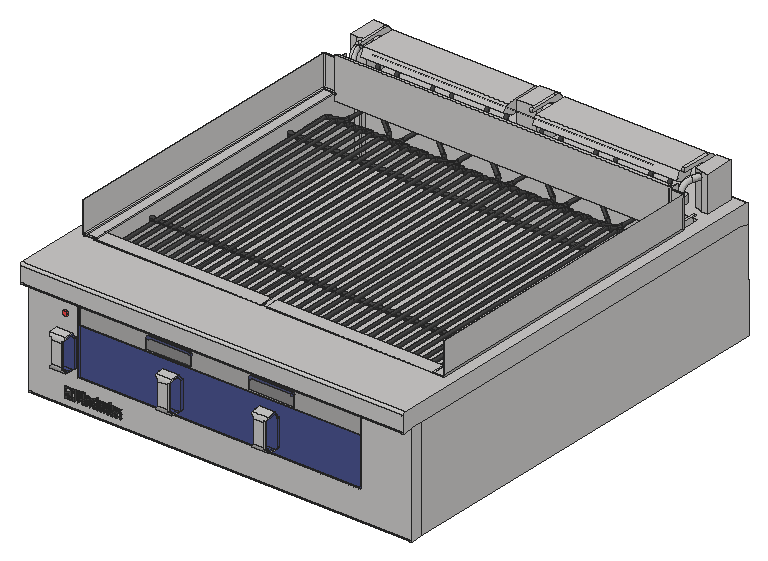
Revit family "QF_ELECTROLUXPROFESSIONAL_589286_MCDEAAHOIO", category Specialty Equipment, Revit 2018
Family settings
  Round Connector Dimension = Use Diameter
  Part Type = Normal
  Work Plane-Based = No
  Always vertical = Yes
  Cut with Voids When Loaded = No
  Shared = No
  Room Calculation Point = No
Parameters (values of type "Standard")
  Weight = 40.8233 kg
  Watts = 0 W
  Volts = 400 V
  URL Manufacturer = "http://professional.electrolux.com"
  URL = "http://professional.electrolux.com"
  Steam Supply Size = 0"
  Steam Supply Minimum Pressure = 0.00 psi
  Steam Supply Maximum Pressure = 0.00 psi
  Steam Pounds per Hour = 0
  Refrigeration Suction Line Size = 0"
  Refrigeration Liquid Line Size = 0"
  Refrigerant Compressor Remote = yes
  Phase = 3
  Model = "MCDEAAHOIO"
  Manufacturer = "Electrolux Professional"
  Length Actual = 800 mm  # constant formula
  Item Number = "589286"
  Hot Water Size = 0"
  Height Actual = 250 mm  # constant formula
  HP = "14.5 HP"
  Gas Size = 0"
  Gas KW = 0
  Gas Input Pressure = 0.0 Btu/h
  Direct Waste Size = 1/2"
  Description = "ELECTRIC CHARGRILL, 1 SIDE, 800X900X250H"
  Depth Actual = 900 mm  # constant formula
  Cycle = 60 Hz
  Condensate Return Size = 0"
  Compressed Air Volume = 0 GPM
  Compressed Air Size = 0"
  Compressed Air Pressure = 0.00 psi
  Cold Water Size = 1/2"
  Accessory = yes
Values of the unnamed type that differ from the named types
  Volts = 0 V
  URL Manufacturer = ""
  Item Number = ""
  Cycle = 0 Hz
Reference planes
  plane 1 "BACK": y = 0
  plane 2: z = 0
  plane 3 "LEFT": x = 0
  plane 4 "RIGHT": x = 800
  plane 5 "FRONT": y = -900
  plane 6 "PLAIN": z = 900
  plane 7 "Center (Left/Right)": x = 400
  plane 8 "Center (Front/Back)": y = -450
  plane 9 "Grill": z = 888
  plane 10 "MontanteBack": y = -70
  plane 11 "SCARICO": through (46.603, -71.263, 1219.2) normal (0.9563, 0.2923, 0)
  plane 12 "BASE": z = 650
  plane 13 "TOP": z = 974
  plane 14 "EI_x": y = -685
  plane 15 "EI_y": x = 756
  plane 16: z = 1624
  plane 17 "Scarico2": through (753.397, -71.263, 1219.2) normal (0.9563, -0.2923, 0)
Forms (mm)
  Sweep 1, solid, material "QF_Finishes_Stainless Steel"
    path origin (330, -5, 0) x (1, 0, 0) y (0, 1, 0)
      loop
        line (446.548, -759) -> (446.548, -136.621)
        arc (446.548, -136.621) -> (445.376, -133.793) -> (442.548, -132.621) r 4
        line (442.548, -132.621) -> (420.548, -132.621)
        arc (420.548, -132.621) -> (417.72, -131.449) -> (416.548, -128.621) r 4
        line (416.548, -128.621) -> (416.548, -114.621)
    profile origin (776.548, -452.81, 0) x (-1, 0, 0) y (0, 0, 1)
      loop
        line (1.048, 904) -> (1.048, 967.5) -> (-0.952, 967.5) -> (-0.952, 904)
        arc (-0.952, 904) -> (0.193, 900.815) -> (3.105, 899.09) r 5
        line (3.105, 899.09) -> (3.105, 901.152)
        arc (3.105, 901.152) -> (1.616, 902.244) -> (1.048, 904) r 3
  Sweep 2, solid, material "QF_Finishes_Stainless Steel"
    path origin (470, -5, 0) x (-1, 0, 0) y (0, 1, 0)
      loop
        line (446.548, -759) -> (446.548, -136.621)
        arc (446.548, -136.621) -> (445.376, -133.793) -> (442.548, -132.621) r 4
        line (442.548, -132.621) -> (420.548, -132.621)
        arc (420.548, -132.621) -> (417.72, -131.449) -> (416.548, -128.621) r 4
        line (416.548, -128.621) -> (416.548, -114.621)
    profile origin (23.452, -452.81, 0) x (-1, 0, 0) y (0, 0, 1)
      loop
        arc (-1.048, 904.91) -> (-1.616, 903.154) -> (-3.105, 902.062) r 3
        line (-3.105, 902.062) -> (-3.105, 900)
        arc (-3.105, 900) -> (-0.193, 901.725) -> (0.952, 904.91) r 5
        line (0.952, 904.91) -> (0.952, 967.5) -> (-1.048, 967.5) -> (-1.048, 904.91)
  Extrusion 3, solid, material "QF_Finishes_Stainless Steel"
    sketch origin (-150, 0, 650) x (1, 0, 0) y (0, 0, 1)
      loop
        line (190, 105) -> (910, 105) -> (910, 250) -> (905, 250) -> (905, 110) -> (195, 110) -> (195, 250) -> (190, 250) -> (190, 105)
    from 87 to 747
  Extrusion 4, solid, material "QF_Finishes_Stainless Steel"
    sketch origin (0, 0, 650) x (0, 1, 0) y (0, 0, 1)
      loop
        arc (-4.695, 210.061) -> (-1.429, 210.936) -> (0, 214) r 4
        line (0, 214) -> (0, 246)
        arc (0, 246) -> (-1.172, 248.828) -> (-4, 250) r 4
        line (-4, 250) -> (-895, 250)
        arc (-895, 250) -> (-898.536, 248.536) -> (-900, 245) r 5
        line (-900, 245) -> (-900, 214)
        arc (-900, 214) -> (-898.571, 210.936) -> (-895.305, 210.061) r 4
        line (-895.305, 210.061) -> (-878.81, 212.969) -> (-21.19, 212.969) -> (-4.695, 210.061)
    from 0 to 800
  Extrusion 5, void
    sketch origin (0, 0, 650) x (1, 0, 0) y (0, 0, 1)
      loop
        line (26.557, 255) -> (26.557, 206.834) -> (773.443, 206.834) -> (773.443, 255) -> (26.557, 255)
    from 95 to 764
  Extrusion 6, solid, material "QF_Finishes_Stainless Steel"
    sketch origin (400, 303.899, 1047.01) x (0, 1, 0) y (0, 0, 1)
      loop
        circle (-352.832, -92.011) r 16
    from -338.334 to 343.443
  Sweep 7, solid, material "QF_Finishes_Stainless Steel"
    path origin (0, -70, -250) x (0, 0, 1) y (-1, 0, 0)
      loop
        line (1112.969, -2) -> (900, -2) -> (900, -798) -> (1113, -798)
    profile origin (2, -70, 756.485) x (0, -1, 0) y (1, 0, 0)
      loop
        line (25.019, 0) -> (25.019, 25) -> (22, 25) -> (22, 3) -> (-22, 3) -> (-22, 25) -> (-24.981, 25) -> (-24.981, 0) -> (25.019, 0)
  Extrusion 8, solid, material "QF_Finishes_Stainless Steel"
    sketch origin (0, 0, 888) x (0, 1, 0) y (-1, 0, 0)
      loop
        line (-759.991, -26.557) -> (-759.991, -47.348) -> (-140.726, -47.348) -> (-140.726, -27.452)
        arc (-140.726, -27.452) -> (-140.988, -26.819) -> (-141.621, -26.557) r 0.895
        line (-141.621, -26.557) -> (-759.991, -26.557)
      loop
        line (-764, -773.443) -> (-141.621, -773.443)
        arc (-141.621, -773.443) -> (-140.988, -773.181) -> (-140.726, -772.548) r 0.895
        line (-140.726, -772.548) -> (-140.726, -752.652) -> (-764, -752.652) -> (-764, -773.443)
    from 12 to 14.062
  Extrusion 9, solid, material "QF_Finishes_Black"
    sketch origin (400, 296.4, 1869.2) x (0, 1, 0) y (0, 0, 1)
      loop
        circle (-553.985, -991.468) r 4.002
      loop
        circle (-913.985, -991.468) r 4.002
    from -352.652 to 352.652
  Extrusion 10, solid, material "QF_Finishes_Stainless Steel"
    sketch origin (800, 0, 650) x (0, -1, 0) y (0, 0, 1)
      loop
        line (0, 214) -> (0, 0) -> (854, 0) -> (854, 212.969) -> (21.19, 212.969) -> (4.695, 210.061)
        arc (4.695, 210.061) -> (1.429, 210.936) -> (0, 214) r 4
    from 0 to 2
  Extrusion 11, solid, material "QF_Finishes_Stainless Steel"
    sketch origin (400, 296.4, 1869.2) x (0, 1, 0) y (0, 0, 1)
      loop
        arc (-296.4, -1005.2) -> (-296.936, -1007.2) -> (-298.4, -1008.664) r 4
        line (-298.4, -1008.664) -> (-298.4, -1219.2) -> (-296.4, -1219.2) -> (-296.4, -1005.2)
    from -398 to 398
  Extrusion 12, solid, material "QF_Finishes_Stainless Steel"
    sketch origin (0, 0, 650) x (0, 1, 0) y (0, 0, 1)
      loop
        arc (0, 214) -> (-1.429, 210.936) -> (-4.695, 210.061) r 4
        line (-4.695, 210.061) -> (-21.19, 212.969) -> (-854, 212.969) -> (-854, 0) -> (0, 0) -> (0, 214)
    from 0 to 2
  Extrusion 13, solid, material "QF_Finishes_Stainless Steel"
    sketch origin (-20, 5, 888) x (0, 1, 0) y (-1, 0, 0)
      loop
        line (-16.433, -76.495) -> (-16.433, -46.495) -> (-76.433, -46.495) -> (-76.433, -60.491) -> (-71.54, -76.495) -> (-16.433, -76.495)
    from 12 to 86
  Extrusion 14, solid, material "QF_Finishes_Stainless Steel"
    sketch origin (400, 296.4, 1043.2) x (0, 1, 0) y (0, 0, 1)
      loop
        line (-312.832, -69.2) -> (-387.871, -69.2) -> (-396.4, -83.974) -> (-375.871, -95.826) -> (-329.794, -95.826) -> (-312.832, -86.033) -> (-312.832, -69.2)
    from -330 to -30
  Extrusion 15, solid, material "QF_Finishes_Black"
    sketch origin (0, -900, 650) x (1, 0, 0) y (0, 0, 1)
      loop
        spline (109.591, 27.285) -> (109.385, 27.294) -> (109.166, 27.322) -> (108.939, 27.374) -> (108.71, 27.451) -> (108.486, 27.559) -> (108.272, 27.7) -> (108.075, 27.878) -> (107.9, 28.096) -> (107.753, 28.358) -> (107.641, 28.667) -> (107.569, 29.026) -> (107.544, 29.44)
        line (107.544, 29.44) -> (107.544, 31.273) -> (113.596, 31.273) -> (113.596, 33.611) -> (107.543, 33.611) -> (107.543, 37.014) -> (113.982, 37.014) -> (113.982, 39.345) -> (105.065, 39.345) -> (105.065, 29.546)
        spline (105.065, 29.546) -> (105.088, 28.943) -> (105.155, 28.375) -> (105.269, 27.843) -> (105.431, 27.35) -> (105.642, 26.898) -> (105.903, 26.487) -> (106.215, 26.121) -> (106.581, 25.802) -> (107.001, 25.531) -> (107.476, 25.309) -> (108.008, 25.141) -> (108.597, 25.026)
        line (108.597, 25.026) -> (109.57, 24.956) -> (114.154, 24.956) -> (114.154, 27.285) -> (109.591, 27.285)
      loop
        line (115.915, 32.546) -> (115.915, 24.953) -> (118.393, 24.953) -> (118.393, 39.349) -> (115.915, 39.349) -> (115.915, 32.546)
      loop
        spline (130.665, 30.422) -> (130.623, 31.14) -> (130.499, 31.828) -> (130.296, 32.48) -> (130.018, 33.089) -> (129.668, 33.649) -> (129.249, 34.154) -> (128.766, 34.599) -> (128.222, 34.976) -> (127.62, 35.28) -> (126.963, 35.505) -> (126.255, 35.644) -> (125.499, 35.692)
        spline (125.499, 35.692) -> (124.728, 35.647) -> (123.994, 35.515) -> (123.305, 35.299) -> (122.666, 35.003) -> (122.081, 34.629) -> (121.556, 34.182) -> (121.097, 33.663) -> (120.71, 33.078) -> (120.399, 32.429) -> (120.17, 31.719) -> (120.029, 30.952) -> (119.98, 30.131)
        spline (119.98, 30.131) -> (120.027, 29.33) -> (120.164, 28.582) -> (120.388, 27.889) -> (120.693, 27.254) -> (121.076, 26.682) -> (121.533, 26.175) -> (122.057, 25.737) -> (122.647, 25.371) -> (123.296, 25.081) -> (124.002, 24.869) -> (124.758, 24.74) -> (125.562, 24.696)
        spline (125.562, 24.696) -> (125.954, 24.705) -> (126.341, 24.735) -> (126.725, 24.786) -> (127.103, 24.862) -> (127.477, 24.963) -> (127.846, 25.093) -> (128.211, 25.252) -> (128.571, 25.443) -> (128.926, 25.668) -> (129.275, 25.928) -> (129.62, 26.226) -> (129.96, 26.563)
        line (129.96, 26.563) -> (128.466, 28.016)
        spline (128.466, 28.016) -> (128.269, 27.826) -> (128.072, 27.653) -> (127.871, 27.495) -> (127.666, 27.353) -> (127.454, 27.228) -> (127.235, 27.118) -> (127.005, 27.025) -> (126.764, 26.949) -> (126.509, 26.889) -> (126.238, 26.847) -> (125.951, 26.821) -> (125.645, 26.812)
        spline (125.645, 26.812) -> (125.196, 26.834) -> (124.776, 26.9) -> (124.385, 27.007) -> (124.025, 27.153) -> (123.698, 27.338) -> (123.407, 27.559) -> (123.152, 27.815) -> (122.935, 28.103) -> (122.759, 28.423) -> (122.625, 28.772) -> (122.535, 29.148) -> (122.491, 29.551)
        line (122.491, 29.551) -> (130.624, 29.551) -> (130.665, 30.422)
      loop
        spline (128.134, 31.294) -> (128.11, 31.6) -> (128.04, 31.895) -> (127.927, 32.175) -> (127.774, 32.439) -> (127.584, 32.682) -> (127.362, 32.902) -> (127.108, 33.096) -> (126.828, 33.261) -> (126.524, 33.394) -> (126.199, 33.493) -> (125.856, 33.555) -> (125.499, 33.576)
        spline (125.499, 33.576) -> (125.117, 33.555) -> (124.748, 33.495) -> (124.397, 33.397) -> (124.067, 33.265) -> (123.761, 33.102) -> (123.482, 32.909) -> (123.233, 32.69) -> (123.018, 32.448) -> (122.839, 32.184) -> (122.7, 31.902) -> (122.604, 31.604) -> (122.554, 31.294)
        line (122.554, 31.294) -> (128.134, 31.294)
      loop
        spline (134.414, 30.194) -> (134.442, 30.655) -> (134.525, 31.092) -> (134.66, 31.503) -> (134.842, 31.883) -> (135.069, 32.23) -> (135.337, 32.541) -> (135.644, 32.813) -> (135.985, 33.042) -> (136.357, 33.225) -> (136.758, 33.36) -> (137.183, 33.444) -> (137.63, 33.472)
        spline (137.63, 33.472) -> (137.904, 33.463) -> (138.167, 33.438) -> (138.418, 33.396) -> (138.659, 33.338) -> (138.891, 33.263) -> (139.113, 33.174) -> (139.327, 33.069) -> (139.532, 32.95) -> (139.73, 32.816) -> (139.922, 32.668) -> (140.106, 32.506) -> (140.285, 32.331)
        line (140.285, 32.331) -> (141.821, 33.929)
        spline (141.821, 33.929) -> (141.515, 34.234) -> (141.201, 34.509) -> (140.877, 34.753) -> (140.545, 34.968) -> (140.205, 35.155) -> (139.858, 35.313) -> (139.503, 35.445) -> (139.141, 35.552) -> (138.772, 35.632) -> (138.397, 35.689) -> (138.016, 35.723) -> (137.63, 35.734)
        spline (137.63, 35.734) -> (136.855, 35.686) -> (136.114, 35.545) -> (135.411, 35.317) -> (134.754, 35.007) -> (134.15, 34.621) -> (133.605, 34.162) -> (133.125, 33.637) -> (132.718, 33.05) -> (132.39, 32.408) -> (132.147, 31.714) -> (131.997, 30.974) -> (131.945, 30.194)
        spline (131.945, 30.194) -> (131.997, 29.414) -> (132.147, 28.674) -> (132.39, 27.981) -> (132.718, 27.338) -> (133.125, 26.751) -> (133.605, 26.226) -> (134.15, 25.767) -> (134.754, 25.381) -> (135.411, 25.071) -> (136.114, 24.843) -> (136.855, 24.702) -> (137.63, 24.654)
        spline (137.63, 24.654) -> (138.016, 24.665) -> (138.397, 24.699) -> (138.772, 24.756) -> (139.141, 24.837) -> (139.503, 24.943) -> (139.858, 25.075) -> (140.205, 25.233) -> (140.545, 25.42) -> (140.877, 25.635) -> (141.201, 25.879) -> (141.515, 26.154) -> (141.821, 26.46)
        line (141.821, 26.46) -> (140.285, 28.057)
        spline (140.285, 28.057) -> (140.106, 27.882) -> (139.922, 27.72) -> (139.73, 27.573) -> (139.532, 27.439) -> (139.327, 27.319) -> (139.113, 27.214) -> (138.891, 27.125) -> (138.659, 27.05) -> (138.418, 26.992) -> (138.167, 26.95) -> (137.904, 26.925) -> (137.63, 26.916)
        spline (137.63, 26.916) -> (137.183, 26.944) -> (136.758, 27.028) -> (136.357, 27.163) -> (135.985, 27.346) -> (135.644, 27.575) -> (135.337, 27.847) -> (135.069, 28.158) -> (134.842, 28.505) -> (134.66, 28.885) -> (134.525, 29.296) -> (134.442, 29.733) -> (134.414, 30.194)
      loop
        spline (148.14, 27.282) -> (147.921, 27.278) -> (147.687, 27.295) -> (147.443, 27.335) -> (147.196, 27.404) -> (146.952, 27.504) -> (146.717, 27.641) -> (146.497, 27.817) -> (146.298, 28.038) -> (146.127, 28.306) -> (145.989, 28.626) -> (145.891, 29.003) -> (145.839, 29.439)
        line (145.839, 29.439) -> (145.839, 33.112) -> (148.093, 33.112) -> (148.093, 35.363) -> (145.842, 35.363) -> (145.842, 39.349) -> (143.364, 39.349) -> (143.364, 29.299)
        spline (143.364, 29.299) -> (143.417, 28.715) -> (143.513, 28.167) -> (143.653, 27.655) -> (143.838, 27.182) -> (144.07, 26.749) -> (144.349, 26.358) -> (144.676, 26.011) -> (145.054, 25.709) -> (145.482, 25.456) -> (145.963, 25.252) -> (146.496, 25.099) -> (147.084, 25)
        line (147.084, 25) -> (148.131, 24.953) -> (148.14, 27.282)
      loop
        spline (156.479, 35.508) -> (156.05, 35.534) -> (155.637, 35.526) -> (155.241, 35.486) -> (154.864, 35.413) -> (154.506, 35.31) -> (154.168, 35.177) -> (153.853, 35.015) -> (153.559, 34.826) -> (153.29, 34.61) -> (153.046, 34.369) -> (152.828, 34.103) -> (152.637, 33.815)
        line (152.637, 33.815) -> (152.637, 35.363) -> (150.179, 35.363) -> (150.179, 24.953) -> (152.637, 24.953) -> (152.637, 30.426)
        spline (152.637, 30.426) -> (152.66, 30.841) -> (152.726, 31.228) -> (152.835, 31.585) -> (152.984, 31.911) -> (153.173, 32.205) -> (153.399, 32.464) -> (153.66, 32.687) -> (153.956, 32.873) -> (154.284, 33.02) -> (154.642, 33.127) -> (155.03, 33.193) -> (155.446, 33.215)
        line (155.446, 33.215) -> (156.479, 33.112) -> (156.479, 35.508)
      loop
        spline (168.219, 30.158) -> (168.167, 30.921) -> (168.016, 31.649) -> (167.772, 32.335) -> (167.444, 32.974) -> (167.036, 33.559) -> (166.556, 34.085) -> (166.01, 34.546) -> (165.406, 34.936) -> (164.75, 35.249) -> (164.049, 35.481) -> (163.31, 35.623) -> (162.539, 35.672)
        spline (162.539, 35.672) -> (161.763, 35.623) -> (161.02, 35.481) -> (160.318, 35.249) -> (159.661, 34.936) -> (159.057, 34.546) -> (158.513, 34.085) -> (158.035, 33.559) -> (157.628, 32.974) -> (157.301, 32.335) -> (157.059, 31.649) -> (156.909, 30.921) -> (156.858, 30.158)
        spline (156.858, 30.158) -> (156.909, 29.394) -> (157.059, 28.667) -> (157.301, 27.981) -> (157.628, 27.342) -> (158.035, 26.757) -> (158.513, 26.231) -> (159.057, 25.77) -> (159.661, 25.38) -> (160.318, 25.066) -> (161.02, 24.835) -> (161.763, 24.692) -> (162.539, 24.643)
        spline (162.539, 24.643) -> (163.31, 24.692) -> (164.049, 24.835) -> (164.75, 25.066) -> (165.406, 25.38) -> (166.01, 25.77) -> (166.556, 26.231) -> (167.036, 26.757) -> (167.444, 27.342) -> (167.772, 27.981) -> (168.016, 28.667) -> (168.167, 29.394) -> (168.219, 30.158)
      loop
        spline (165.76, 30.158) -> (165.731, 30.608) -> (165.648, 31.038) -> (165.512, 31.443) -> (165.329, 31.821) -> (165.101, 32.167) -> (164.831, 32.479) -> (164.524, 32.752) -> (164.182, 32.984) -> (163.809, 33.17) -> (163.409, 33.307) -> (162.984, 33.392) -> (162.539, 33.421)
        spline (162.539, 33.421) -> (162.089, 33.392) -> (161.662, 33.307) -> (161.26, 33.17) -> (160.886, 32.984) -> (160.545, 32.752) -> (160.238, 32.479) -> (159.97, 32.167) -> (159.744, 31.821) -> (159.562, 31.443) -> (159.428, 31.038) -> (159.345, 30.608) -> (159.317, 30.158)
        spline (159.317, 30.158) -> (159.345, 29.707) -> (159.428, 29.278) -> (159.562, 28.872) -> (159.744, 28.495) -> (159.97, 28.148) -> (160.238, 27.836) -> (160.545, 27.563) -> (160.886, 27.332) -> (161.26, 27.145) -> (161.662, 27.008) -> (162.089, 26.923) -> (162.539, 26.894)
        spline (162.539, 26.894) -> (162.984, 26.923) -> (163.409, 27.008) -> (163.809, 27.145) -> (164.182, 27.332) -> (164.524, 27.563) -> (164.831, 27.836) -> (165.101, 28.148) -> (165.329, 28.495) -> (165.512, 28.872) -> (165.648, 29.278) -> (165.731, 29.707) -> (165.76, 30.158)
      loop
        line (169.743, 32.794) -> (169.743, 24.953) -> (172.222, 24.953) -> (172.222, 39.349) -> (169.743, 39.349) -> (169.743, 32.794)
      loop
        line (181.161, 35.363) -> (181.161, 29.311)
        spline (181.161, 29.311) -> (181.141, 28.918) -> (181.083, 28.563) -> (180.989, 28.246) -> (180.861, 27.966) -> (180.702, 27.723) -> (180.513, 27.514) -> (180.297, 27.34) -> (180.057, 27.2) -> (179.793, 27.092) -> (179.509, 27.016) -> (179.207, 26.971) -> (178.889, 26.956)
        spline (178.889, 26.956) -> (178.571, 26.971) -> (178.269, 27.016) -> (177.985, 27.091) -> (177.721, 27.199) -> (177.481, 27.339) -> (177.265, 27.512) -> (177.076, 27.718) -> (176.917, 27.96) -> (176.789, 28.237) -> (176.695, 28.551) -> (176.637, 28.901) -> (176.617, 29.29)
        line (176.617, 29.29) -> (176.617, 35.363) -> (174.118, 35.363) -> (174.118, 29.083)
        spline (174.118, 29.083) -> (174.162, 28.372) -> (174.29, 27.725) -> (174.497, 27.141) -> (174.776, 26.621) -> (175.12, 26.163) -> (175.525, 25.768) -> (175.983, 25.435) -> (176.489, 25.163) -> (177.037, 24.953) -> (177.62, 24.803) -> (178.233, 24.714) -> (178.869, 24.684)
        spline (178.869, 24.684) -> (179.51, 24.714) -> (180.127, 24.805) -> (180.715, 24.957) -> (181.267, 25.17) -> (181.778, 25.446) -> (182.24, 25.784) -> (182.648, 26.184) -> (182.996, 26.648) -> (183.277, 27.176) -> (183.485, 27.768) -> (183.615, 28.424) -> (183.66, 29.146)
        line (183.66, 29.146) -> (183.66, 35.363) -> (181.161, 35.363)
      loop
        line (193.038, 28.282) -> (191.475, 30.467) -> (193.41, 33.104) -> (195.068, 35.363) -> (192.363, 35.363) -> (190.11, 32.244) -> (187.839, 35.363) -> (185.154, 35.363) -> (186.694, 33.256) -> (188.748, 30.447) -> (186.595, 27.449) -> (184.803, 24.953) -> (187.467, 24.953) -> (190.11, 28.63) -> (192.755, 24.953) -> (195.419, 24.953) -> (193.038, 28.282)
      loop
        line (106.459, 22.688) -> (104.542, 22.688) -> (104.542, 17.711) -> (105.565, 17.711) -> (105.565, 19.398) -> (106.459, 19.398)
        arc (106.459, 19.398) -> (108.104, 21.043) -> (106.459, 22.688) r 1.645
      loop
        line (106.418, 21.747) -> (105.565, 21.747) -> (105.565, 20.338) -> (106.418, 20.338)
        arc (106.418, 20.338) -> (107.122, 21.043) -> (106.418, 21.747) r 0.704
      loop
        line (114.268, 22.688) -> (112.316, 22.688) -> (112.316, 17.711) -> (113.339, 17.711) -> (113.339, 19.425) -> (114.12, 19.343) -> (115.101, 17.711) -> (116.262, 17.711) -> (115.068, 19.677)
        arc (115.068, 19.677) -> (115.692, 20.259) -> (115.91, 21.084) r 1.536
        arc (115.91, 21.084) -> (115.416, 22.22) -> (114.268, 22.688) r 1.643
      loop
        arc (114.178, 20.359) -> (114.873, 21.02) -> (114.247, 21.747) r 0.696
        line (114.247, 21.747) -> (113.339, 21.747) -> (113.339, 20.359) -> (114.178, 20.359)
      loop
        circle (122.616, 20.2) r 2.585
      loop
        circle (122.616, 20.2) r 1.64
      loop
        line (129.481, 22.688) -> (129.481, 17.711) -> (130.504, 17.711) -> (130.504, 19.757) -> (132.377, 19.757) -> (132.377, 20.698) -> (130.504, 20.698) -> (130.504, 21.747) -> (132.557, 21.747) -> (132.557, 22.688) -> (129.481, 22.688)
      loop
        line (136.778, 22.688) -> (136.778, 19.325)
        arc (136.778, 19.325) -> (137.237, 18.185) -> (138.371, 17.711) r 1.593
        line (138.371, 17.711) -> (139.978, 17.711) -> (139.978, 18.498) -> (138.577, 18.498)
        arc (138.577, 18.498) -> (138.029, 18.725) -> (137.802, 19.273) r 0.775
        line (137.802, 19.273) -> (137.802, 20.101) -> (139.792, 20.101) -> (139.792, 20.883) -> (137.802, 20.883) -> (137.802, 21.747) -> (139.93, 21.747) -> (139.93, 22.688) -> (136.778, 22.688)
      loop
        line (146.672, 21.383) -> (147.407, 21.887)
        arc (147.407, 21.887) -> (146.726, 22.552) -> (145.799, 22.771) r 1.782
        arc (145.799, 22.771) -> (145.183, 22.647) -> (144.637, 22.336) r 1.974
        arc (144.637, 22.336) -> (144.379, 22.025) -> (144.263, 21.637) r 1.013
        arc (144.263, 21.637) -> (144.274, 21.184) -> (144.388, 20.745) r 1.985
        arc (144.388, 20.745) -> (144.831, 20.266) -> (145.409, 19.962) r 1.928
        arc (145.409, 19.962) -> (145.943, 19.746) -> (146.449, 19.469) r 5.041
        arc (146.449, 19.469) -> (146.646, 19.138) -> (146.49, 18.785) r 0.42
        arc (146.49, 18.785) -> (145.949, 18.565) -> (145.377, 18.68) r 1.016
        arc (145.377, 18.68) -> (144.956, 18.922) -> (144.692, 19.329) r 1.033
        line (144.692, 19.329) -> (143.91, 18.839)
        arc (143.91, 18.839) -> (144.22, 18.327) -> (144.673, 17.936) r 1.914
        arc (144.673, 17.936) -> (145.246, 17.691) -> (145.867, 17.629) r 2.063
        arc (145.867, 17.629) -> (146.634, 17.782) -> (147.325, 18.149) r 2.696
        arc (147.325, 18.149) -> (147.63, 18.96) -> (147.473, 19.813) r 1.618
        arc (147.473, 19.813) -> (147.132, 20.206) -> (146.697, 20.49) r 1.876
        arc (146.697, 20.49) -> (146.146, 20.736) -> (145.582, 20.948) r 9.883
        arc (145.582, 20.948) -> (145.255, 21.455) -> (145.727, 21.831) r 0.45
        arc (145.727, 21.831) -> (146.251, 21.716) -> (146.672, 21.383) r 1.197
      loop
        line (154.19, 21.383) -> (154.925, 21.887)
        arc (154.925, 21.887) -> (154.244, 22.552) -> (153.318, 22.771) r 1.782
        arc (153.318, 22.771) -> (152.701, 22.647) -> (152.155, 22.336) r 1.974
        arc (152.155, 22.336) -> (151.897, 22.025) -> (151.781, 21.637) r 1.013
        arc (151.781, 21.637) -> (151.793, 21.184) -> (151.906, 20.745) r 1.985
        arc (151.906, 20.745) -> (152.35, 20.266) -> (152.927, 19.962) r 1.928
        arc (152.927, 19.962) -> (153.462, 19.746) -> (153.967, 19.469) r 5.041
        arc (153.967, 19.469) -> (154.165, 19.138) -> (154.009, 18.785) r 0.42
        arc (154.009, 18.785) -> (153.468, 18.565) -> (152.895, 18.68) r 1.016
        arc (152.895, 18.68) -> (152.474, 18.922) -> (152.21, 19.329) r 1.033
        line (152.21, 19.329) -> (151.428, 18.839)
        arc (151.428, 18.839) -> (151.738, 18.327) -> (152.191, 17.936) r 1.914
        arc (152.191, 17.936) -> (152.764, 17.691) -> (153.385, 17.629) r 2.063
        arc (153.385, 17.629) -> (154.152, 17.782) -> (154.843, 18.149) r 2.696
        arc (154.843, 18.149) -> (155.149, 18.96) -> (154.991, 19.813) r 1.618
        arc (154.991, 19.813) -> (154.65, 20.206) -> (154.215, 20.49) r 1.876
        arc (154.215, 20.49) -> (153.665, 20.736) -> (153.1, 20.948) r 9.883
        arc (153.1, 20.948) -> (152.774, 21.455) -> (153.245, 21.831) r 0.45
        arc (153.245, 21.831) -> (153.769, 21.716) -> (154.19, 21.383) r 1.197
      loop
        line (159.382, 22.688) -> (159.382, 17.711) -> (160.405, 17.711) -> (160.405, 22.688) -> (159.382, 22.688)
      loop
        circle (167.305, 20.2) r 1.548
      loop
        circle (167.305, 20.2) r 2.585
      loop
        line (174.17, 17.711) -> (175.204, 17.711) -> (175.204, 20.84) -> (177.481, 17.711) -> (178.475, 17.711) -> (178.475, 22.688) -> (177.442, 22.688) -> (177.442, 19.464) -> (175.165, 22.688) -> (174.17, 22.688) -> (174.17, 17.711)
      loop
        line (183.635, 17.711) -> (184.12, 18.785) -> (185.961, 18.785) -> (186.445, 17.711) -> (187.545, 17.711) -> (185.041, 22.688) -> (182.536, 17.711) -> (183.635, 17.711)
      loop
        line (185.041, 20.827) -> (184.579, 19.806) -> (185.501, 19.806) -> (185.041, 20.827)
      loop
        line (192.628, 18.652) -> (192.628, 22.688) -> (191.604, 22.688) -> (191.604, 17.711) -> (194.542, 17.711) -> (194.542, 18.652) -> (192.628, 18.652)
      loop
        line (77.595, 17.711) -> (99.258, 17.711) -> (99.258, 39.345) -> (77.595, 39.345) -> (77.595, 17.711)
      loop
        line (91.319, 38.283) -> (91.319, 18.818)
        arc (91.319, 18.818) -> (98.515, 28.55) -> (91.319, 38.283) r 10.18
      loop
        line (90.329, 36.874) -> (90.329, 38.283)
        arc (90.329, 38.283) -> (82.234, 36.443) -> (78.334, 29.115) r 9.976
        line (78.334, 29.115) -> (81.554, 29.115)
        arc (81.554, 29.115) -> (87.307, 31.45) -> (90.329, 36.874) r 9.351
      loop
        arc (78.334, 27.986) -> (82.227, 20.597) -> (90.329, 18.568) r 10.237
        line (90.329, 18.568) -> (90.329, 20.227)
        arc (90.329, 20.227) -> (87.307, 25.651) -> (81.554, 27.986) r 9.351
        line (81.554, 27.986) -> (78.334, 27.986)
    from -21 to -19.269
  Sweep 16, solid, material "QF_Finishes_Stainless Steel"
    path origin (20.584, 13.873, -176) x (-0.292277, 0.956334, 0) y (0, 0, 1)
      loop
        line (-87.35, 1138.999) -> (-105.35, 1138.999)
        arc (-105.35, 1138.999) -> (-118.785, 1133.434) -> (-124.35, 1119.999) r 19
        line (-124.35, 1119.999) -> (-124.35, 1115.999)
    profile origin (55.302, -99.726, 957.434) x (-0.206671, 0.67623, -0.707107) y (0.956334, 0.292277, 0)
      loop
        circle (0, 0) r 5.5
  Sweep 17, solid, material "QF_Finishes_Stainless Steel"
    path origin (20.584, 13.873, -176) x (-0.292277, 0.956334, 0) y (0, 0, 1)
      loop
        line (-124.348, 1102.5) -> (-124.348, 1115.999)
    profile origin (56.928, -105.045, 933.249) x (0.292277, -0.956334, 0) y (0.956334, 0.292277, 0)
      loop
        circle (0, 0) r 11
  Extrusion 18, solid, material "QF_Finishes_Stainless Steel"
    sketch origin (0, -900, 650) x (1, 0, 0) y (0, 0, 1)
      loop
        line (393.601, 250) -> (393.601, 251.152) -> (45, 251.152) -> (45, 250) -> (393.601, 250)
    from -136 to -165.101
  Extrusion 19, solid, material "QF_Finishes_Stainless Steel"
    sketch origin (0, -900, 650) x (1, 0, 0) y (0, 0, 1)
      loop
        line (419, 110) -> (419, 250) -> (81, 250) -> (81, 110) -> (419, 110)
    from -805 to -808
  Extrusion 20, solid, material "QF_Finishes_Stainless Steel"
    sketch origin (0, -900, 650) x (1, 0, 0) y (0, 0, 1)
      loop
        line (738.443, 110) -> (738.443, 250) -> (81, 250) -> (81, 110) -> (738.443, 110)
    from -808 to -800.351
  Extrusion 21, solid, material "QF_Finishes_Stainless Steel"
    sketch origin (0, -5, 888) x (0, 1, 0) y (-1, 0, 0)
      loop
        line (-135.726, -49.452) -> (-135.726, -750.548)
        arc (-135.726, -750.548) -> (-134.341, -746.333) -> (-130.726, -743.762) r 7.105
        line (-130.726, -743.762) -> (-130.726, -56.238)
        arc (-130.726, -56.238) -> (-134.341, -53.667) -> (-135.726, -49.452) r 7.105
    from 0 to 86
  Extrusion 22, solid, material "QF_Door-Drawer Clearances", detail levels coarse
    sketch origin (400, 877.348, 641.206) x (0, 0.044575, -0.999006) y (0, 0.999006, 0.044575)
      loop
        arc (-431.348, -1005.72) -> (-434.324, -1008.003) -> (-438.042, -1007.514) r 4.9
        line (-438.042, -1007.514) -> (-479.506, -983.574)
        arc (-479.506, -983.574) -> (-481.749, -982.645) -> (-484.156, -982.328) r 9.3
        line (-484.156, -982.328) -> (-991.538, -982.328)
        arc (-991.538, -982.328) -> (-993.945, -982.645) -> (-996.188, -983.574) r 9.3
        line (-996.188, -983.574) -> (-1028.49, -1002.224) -> (-1025.39, -1007.593)
        arc (-1025.39, -1007.593) -> (-803.235, -1464.639) -> (-319.312, -1619.76) r 646.254
        line (-319.312, -1619.76) -> (-292.319, -1014.784) -> (-425.979, -1008.82) -> (-384.68, -937.288) -> (-390.182, -934.418) -> (-431.348, -1005.72)
    from 350 to -350
  Extrusion 23, solid, material "QF_Door-Drawer Clearances", detail levels coarse
    sketch origin (400, 919.315, 5.04) x (0, 0.241505, -0.9704) y (0, 0.9704, 0.241505)
      loop
        line (-1169.89, -688.602) -> (-1186.107, -684.566) -> (-1209.741, -713.777) -> (-1181.784, -736.396) -> (-1169.89, -688.602)
    from 350 to -350
  Extrusion 24, solid, material "QF_Finishes_Stainless Steel"
    sketch origin (400, 301.4, 969.2) x (0, 1, 0) y (0, 0, 1)
      loop
        arc (-389.946, 12.113) -> (-392.946, 9.113) -> (-389.946, 6.113) r 3
        line (-389.946, 6.113) -> (-351.137, 6.113)
        arc (-351.137, 6.113) -> (-332.116, -7.071) -> (-337.783, -29.509) r 20.314
        arc (-337.783, -29.509) -> (-323.939, -33.624) -> (-328.64, -47.281) r 10.002
        line (-328.64, -47.281) -> (-321.318, -48.572) -> (-312.832, -46.769) -> (-312.832, -13.23) -> (-315.694, 0.231)
        arc (-315.694, 0.231) -> (-320.926, 8.77) -> (-330.366, 12.113) r 15
        line (-330.366, 12.113) -> (-389.946, 12.113)
    from -340.5 to -334.828
  Extrusion 25, solid, material "QF_Finishes_Stainless Steel"
    sketch origin (400, 296.4, 969.2) x (0, 1, 0) y (0, 0, 1)
      loop
        circle (-332.833, -38.2) r 10
    from -336.268 to -343.443
  Extrusion 26, solid, material "QF_Finishes_Stainless Steel"
    sketch origin (-113.033, 0, 888) x (0, 1, 0) y (-1, 0, 0)
      loop
        circle (-163.701, -768.033) r 49
      loop
        circle (-163.701, -768.033) r 44
    from -76.325 to -128
  Extrusion 27, solid, material "QF_Finishes_Stainless Steel"
    sketch origin (-113.033, 0, 888) x (0, 1, 0) y (-1, 0, 0)
      loop
        circle (-163.701, -768.033) r 35
    from -133 to -174.55
  Extrusion 28, void
    sketch origin (0, 0, 888) x (0, 1, 0) y (-1, 0, 0)
      loop
        circle (-163.701, -655) r 35
    from -133 to -128
  Extrusion 29, void
    sketch origin (0, 0, 888) x (0, 1, 0) y (-1, 0, 0)
      loop
        circle (-732.818, -86.446) r 3.406
    from -120.369 to -148.494
  Extrusion 30, solid, material "QF_Finishes_Stainless Steel"
    sketch origin (0, 0, 888) x (0, 1, 0) y (-1, 0, 0)
      loop
        circle (-732.818, -86.446) r 3.406
    from -140.159 to -120.202
  Extrusion 31, solid, material "QF_Finishes_Stainless Steel"
    sketch origin (0, 0, 650) x (0, 1, 0) y (-1, 0, 0)
      loop
        circle (-685, -756) r 10
    from 0 to 20
  Extrusion 32, solid, material "QF_Finishes_Stainless Steel"
    sketch origin (0, 0, 650) x (0, 1, 0) y (-1, 0, 0)
      loop
        circle (-670, -599) r 6.35
    from 20 to 0
  Extrusion 33, solid, material "QF_Finishes_Stainless Steel"
    sketch origin (0, 0, 650) x (0, 1, 0) y (-1, 0, 0)
      loop
        circle (-523, -745) r 10
    from 0 to 20
  Extrusion 34, solid, material "QF_Finishes_Stainless Steel"
    sketch origin (400, 296.4, 1043.2) x (0, 1, 0) y (0, 0, -1)
      loop
        line (-312.832, 69.2) -> (-312.832, 86.033) -> (-329.794, 95.826) -> (-375.871, 95.826) -> (-396.4, 83.974) -> (-387.871, 69.2) -> (-312.832, 69.2)
    from 330 to 30
  Extrusion 35, solid, material "QF_Finishes_Stainless Steel"
    sketch origin (400, 296.4, 1043.2) x (0, 1, 0) y (0, 0, 1)
      loop
        line (-312.832, -69.2) -> (-387.871, -69.2) -> (-396.4, -83.974) -> (-375.871, -95.826) -> (-329.794, -95.826) -> (-312.832, -86.033) -> (-312.832, -69.2)
    from 330 to 30
  Extrusion 36, solid, material "QF_Finishes_Stainless Steel"
    sketch origin (820, 5, 888) x (0, 1, 0) y (-1, 0, 0)
      loop
        line (-16.433, 76.495) -> (-71.54, 76.495) -> (-76.433, 60.491) -> (-76.433, 46.495) -> (-16.433, 46.495) -> (-16.433, 76.495)
    from 12 to 86
  Extrusion 37, solid, material "QF_Finishes_Stainless Steel"
    sketch origin (400, 301.4, 969.2) x (0, 1, 0) y (0, 0, -1)
      loop
        line (-389.946, -12.113) -> (-330.366, -12.113)
        arc (-330.366, -12.113) -> (-320.926, -8.77) -> (-315.694, -0.231) r 15
        line (-315.694, -0.231) -> (-312.832, 13.23) -> (-312.832, 46.769) -> (-321.318, 48.572) -> (-328.64, 47.281)
        arc (-328.64, 47.281) -> (-323.939, 33.624) -> (-337.783, 29.509) r 10.002
        arc (-337.783, 29.509) -> (-332.116, 7.071) -> (-351.137, -6.113) r 20.314
        line (-351.137, -6.113) -> (-389.946, -6.113)
        arc (-389.946, -6.113) -> (-392.946, -9.113) -> (-389.946, -12.113) r 3
    from -340.5 to -334.828
  Extrusion 38, solid, material "QF_Finishes_Stainless Steel"
    sketch origin (400, 301.4, 969.2) x (0, 1, 0) y (0, 0, 1)
      loop
        arc (-389.946, 12.113) -> (-392.946, 9.113) -> (-389.946, 6.113) r 3
        line (-389.946, 6.113) -> (-351.137, 6.113)
        arc (-351.137, 6.113) -> (-332.116, -7.071) -> (-337.783, -29.509) r 20.314
        arc (-337.783, -29.509) -> (-323.939, -33.624) -> (-328.64, -47.281) r 10.002
        line (-328.64, -47.281) -> (-321.318, -48.572) -> (-312.832, -46.769) -> (-312.832, -13.23) -> (-315.694, 0.231)
        arc (-315.694, 0.231) -> (-320.926, 8.77) -> (-330.366, 12.113) r 15
        line (-330.366, 12.113) -> (-389.946, 12.113)
    from 17.655 to 23.399
  Extrusion 39, solid, material "QF_Finishes_Stainless Steel"
    sketch origin (-20, 5, 888) x (0, 1, 0) y (-1, 0, 0)
      loop
        line (-16.433, -435.765) -> (-16.433, -394.725) -> (-76.433, -394.725) -> (-76.433, -435.765) -> (-16.433, -435.765)
    from 12 to 86
  Sweep 40, solid, material "QF_Finishes_Stainless Steel"
    path origin (706.837, -209.739, -176) x (0.292277, 0.956334, 0) y (0, 0, 1)
      loop
        line (147.71, 1138.999) -> (129.71, 1138.999)
        arc (129.71, 1138.999) -> (116.275, 1133.434) -> (110.71, 1119.999) r 19
        line (110.71, 1119.999) -> (110.71, 1115.999)
    profile origin (740.822, -98.541, 957.434) x (-0.206671, -0.67623, 0.707107) y (-0.956334, 0.292277, 0)
      loop
        circle (0, -4.053) r 5.5
  Sweep 41, solid, material "QF_Finishes_Stainless Steel"
    path origin (706.837, -209.739, -176) x (0.292277, 0.956334, 0) y (0, 0, 1)
      loop
        line (110.712, 1102.5) -> (110.712, 1115.999)
    profile origin (739.196, -103.861, 933.249) x (0.292277, 0.956334, 0) y (-0.956334, 0.292277, 0)
      loop
        circle (0, -4.053) r 11
  Extrusion 42, solid, material "QF_Finishes_Stainless Steel"
    sketch origin (800, -900, 650) x (-1, 0, 0) y (0, 0, -1)
      loop
        line (393.601, -250) -> (45, -250) -> (45, -251.152) -> (393.601, -251.152) -> (393.601, -250)
    from -136 to -165.101
Cuts and joins
  Extrusion 5 cuts Extrusion 4
  Extrusion 28, Extrusion 29 cuts Extrusion 3
Lines and regions (mm)
  symbolic lines
    curve 1: line (0, -900, 0) -> (0, 0, 0)
    curve 2: line (0, -900, 888) -> (800, -900, 888)
    curve 3: line (800, 0, 888) -> (0, 0, 888)
    curve 4: line (26.495, -11.433, 888) -> (26.495, -71.433, 888)
    curve 5: line (56.495, -11.433, 888) -> (26.495, -11.433, 888)
    curve 6: line (56.495, -66.54, 888) -> (56.495, -11.433, 888)
    curve 7: line (40.491, -71.433, 888) -> (56.495, -66.54, 888)
    curve 8: line (26.495, -71.433, 888) -> (40.491, -71.433, 888)
    curve 9: line (59.5, -11.433, 888) -> (59.5, -91.546, 888)
    curve 10: line (65.172, -11.433, 888) -> (59.5, -11.433, 888)
    curve 11: line (59.5, -91.546, 888) -> (65.172, -91.546, 888)
    curve 12: line (65.172, -91.546, 888) -> (65.172, -11.433, 888)
    curve 13: line (70, -100, 888) -> (370, -100, 888)
    curve 14: line (70, -100, 888) -> (70, -16.433, 888)
    curve 15: line (51.669, -106.655, 888) -> (40.865, -71.318, 888)
    curve 16: line (62.188, -103.439, 888) -> (51.385, -68.102, 888)
    curve 17: arc (62.188, -103.439, 888) -> (58.537, -110.307, 888) -> (51.669, -106.655, 888) r 5.5
    curve 18: arc (48.883, -97.543, 888) -> (60.144, -115.565, 888) -> (59.402, -94.327, 888) r 11
    curve 19: line (45, -87, 888) -> (40, -87, 888)
    curve 20: line (40, -87, 888) -> (40, -136.669, 888)
    curve 21: line (45, -87, 888) -> (45, -136.669, 888)
    curve 22: line (56.557, -119.621, 888) -> (52.5, -119.621, 888)
    curve 23: line (52.5, -119.621, 888) -> (52.5, -133.621, 888)
    curve 24: arc (49.452, -136.669, 888) -> (51.607, -135.776, 888) -> (52.5, -133.621, 888) r 3.048
    curve 25: line (49.452, -136.669, 888) -> (27.452, -136.669, 888)
    curve 26: arc (22.5, -141.621, 888) -> (23.95, -138.119, 888) -> (27.452, -136.669, 888) r 4.952
    curve 27: line (22.5, -141.621, 888) -> (22.5, -764, 888)
    curve 28: line (22.5, -764, 888) -> (777.5, -764, 888)
    curve 29: line (26.556, -141.566, 888) -> (26.556, -764, 888)
    curve 30: arc (56.557, -133.621, 888) -> (54.476, -138.645, 888) -> (49.452, -140.726, 888) r 7.105
    curve 31: line (56.557, -133.621, 888) -> (56.557, -119.621, 888)
    curve 32: arc (26.557, -141.621, 888) -> (26.819, -140.988, 888) -> (27.452, -140.726, 888) r 0.895
    curve 33: line (27.452, -140.726, 888) -> (49.452, -140.726, 888)
    curve 34: line (743.762, -135.726, 888) -> (56.238, -135.726, 888)
    curve 35: line (773.505, -11.433, 888) -> (773.505, -71.433, 888)
    curve 36: line (743.505, -11.433, 888) -> (773.505, -11.433, 888)
    curve 37: line (743.505, -66.54, 888) -> (743.505, -11.433, 888)
    curve 38: line (759.509, -71.433, 888) -> (743.505, -66.54, 888)
    curve 39: line (773.505, -71.433, 888) -> (759.509, -71.433, 888)
    curve 40: line (740.5, -11.433, 888) -> (740.5, -91.546, 888)
    curve 41: line (734.828, -11.433, 888) -> (740.5, -11.433, 888)
    curve 42: line (740.5, -91.546, 888) -> (734.828, -91.546, 888)
    curve 43: line (734.828, -91.546, 888) -> (734.828, -11.433, 888)
    curve 44: line (730, -100, 888) -> (730, -16.433, 888)
    curve 45: line (748.331, -106.655, 888) -> (759.135, -71.318, 888)
    curve 46: line (737.812, -103.439, 888) -> (748.615, -68.102, 888)
    curve 47: arc (737.812, -103.439, 888) -> (741.463, -110.307, 888) -> (748.331, -106.655, 888) r 5.5
    curve 48: arc (751.117, -97.543, 888) -> (739.856, -115.565, 888) -> (740.598, -94.327, 888) r 11
    curve 49: line (755, -87, 888) -> (760, -87, 888)
    curve 50: line (760, -87, 888) -> (760, -135.726, 888)
    curve 51: line (755, -87, 888) -> (755, -135.726, 888)
    curve 52: line (743.443, -119.621, 888) -> (747.5, -119.621, 888)
    curve 53: line (747.5, -119.621, 888) -> (747.5, -133.621, 888)
    curve 54: arc (750.548, -136.669, 888) -> (748.393, -135.776, 888) -> (747.5, -133.621, 888) r 3.048
    curve 55: line (750.548, -136.669, 888) -> (772.548, -136.669, 888)
    curve 56: arc (777.5, -141.621, 888) -> (776.05, -138.119, 888) -> (772.548, -136.669, 888) r 4.952
    curve 57: line (777.5, -141.621, 888) -> (777.5, -764, 888)
    curve 58: line (773.444, -141.566, 888) -> (773.444, -764, 888)
    curve 59: arc (743.443, -133.621, 888) -> (745.524, -138.645, 888) -> (750.548, -140.726, 888) r 7.105
    curve 60: line (743.443, -133.621, 888) -> (743.443, -119.621, 888)
    curve 61: arc (773.443, -141.621, 888) -> (773.181, -140.988, 888) -> (772.548, -140.726, 888) r 0.895
    curve 62: line (772.548, -140.726, 888) -> (750.548, -140.726, 888)
    curve 63: line (65.172, -16.433, 888) -> (374.725, -16.433, 888)
    curve 64: line (374.725, -11.433, 888) -> (374.725, -71.433, 888)
    curve 65: line (370, -16.433, 888) -> (370, -100, 888)
    curve 66: line (374.725, -11.433, 888) -> (415.765, -11.433, 888)
    curve 67: line (415.765, -11.433, 888) -> (415.765, -71.433, 888)
    curve 68: line (417.655, -11.433, 888) -> (423.399, -11.433, 888)
    curve 69: line (423.399, -11.433, 888) -> (423.399, -91.546, 888)
    curve 70: line (417.655, -11.433, 888) -> (417.655, -91.546, 888)
    curve 71: line (423.399, -16.433, 888) -> (734.828, -16.433, 888)
    curve 72: line (430, -16.433, 888) -> (430, -100, 888)
    curve 73: line (430, -100, 888) -> (730, -100, 888)
    curve 74: line (374.725, -71.433, 888) -> (415.765, -71.433, 888)
    curve 75: line (370, -95, 888) -> (430, -95, 888)
    curve 76: line (26.557, -136.751, 888) -> (26.557, -95.19, 888)
    curve 77: line (26.557, -95.19, 888) -> (40, -95.19, 888)
    curve 78: line (45, -95, 888) -> (48.105, -95, 888)
    curve 79: line (61.41, -95, 888) -> (70, -95, 888)
    curve 80: line (773.443, -136.751, 888) -> (773.443, -95.19, 888)
    curve 81: line (773.443, -95.19, 888) -> (760, -95.19, 888)
    curve 82: line (755, -95, 888) -> (751.895, -95, 888)
    curve 83: line (738.59, -95, 888) -> (730, -95, 888)
    curve 84: line (47.348, -764, 888) -> (47.348, -140.726, 888)
    curve 85: line (47.348, -253.572, 888) -> (64.401, -253.572, 888)
    curve 86: line (47.348, -261.572, 888) -> (64.401, -261.572, 888)
    curve 87: line (70.601, -253.572, 888) -> (83.401, -253.572, 888)
    curve 88: line (70.601, -261.572, 888) -> (83.401, -261.572, 888)
    curve 89: line (89.601, -253.572, 888) -> (102.401, -253.572, 888)
    curve 90: line (89.601, -261.572, 888) -> (102.401, -261.572, 888)
    curve 91: line (108.601, -253.572, 888) -> (121.401, -253.572, 888)
    curve 92: line (108.601, -261.572, 888) -> (121.401, -261.572, 888)
    curve 93: line (127.601, -253.572, 888) -> (140.401, -253.572, 888)
    curve 94: line (127.601, -261.572, 888) -> (140.401, -261.572, 888)
    curve 95: line (146.601, -253.572, 888) -> (159.401, -253.572, 888)
    curve 96: line (146.601, -261.572, 888) -> (159.401, -261.572, 888)
    curve 97: line (165.601, -253.572, 888) -> (178.401, -253.572, 888)
    curve 98: line (165.601, -261.572, 888) -> (178.401, -261.572, 888)
    curve 99: line (184.601, -253.572, 888) -> (197.401, -253.572, 888)
    curve 100: line (184.601, -261.572, 888) -> (197.401, -261.572, 888)
    curve 101: line (203.601, -253.572, 888) -> (216.401, -253.572, 888)
    curve 102: line (203.601, -261.572, 888) -> (216.401, -261.572, 888)
    curve 103: line (222.601, -253.572, 888) -> (235.401, -253.572, 888)
    curve 104: line (222.601, -261.572, 888) -> (235.401, -261.572, 888)
    curve 105: line (241.601, -253.572, 888) -> (254.401, -253.572, 888)
    curve 106: line (241.601, -261.572, 888) -> (254.401, -261.572, 888)
    curve 107: line (260.601, -253.572, 888) -> (273.401, -253.572, 888)
    curve 108: line (260.601, -261.572, 888) -> (273.401, -261.572, 888)
    curve 109: line (279.601, -253.572, 888) -> (292.401, -253.572, 888)
    curve 110: line (279.601, -261.572, 888) -> (292.401, -261.572, 888)
    curve 111: line (298.601, -253.572, 888) -> (311.401, -253.572, 888)
    curve 112: line (298.601, -261.572, 888) -> (311.401, -261.572, 888)
    curve 113: line (317.601, -253.572, 888) -> (330.401, -253.572, 888)
    curve 114: line (317.601, -261.572, 888) -> (330.401, -261.572, 888)
    curve 115: line (336.601, -253.572, 888) -> (349.401, -253.572, 888)
    curve 116: line (336.601, -261.572, 888) -> (349.401, -261.572, 888)
    curve 117: line (355.601, -253.572, 888) -> (368.401, -253.572, 888)
    curve 118: line (355.601, -261.572, 888) -> (368.401, -261.572, 888)
    curve 119: line (374.601, -253.572, 888) -> (387.401, -253.572, 888)
    curve 120: line (374.601, -261.572, 888) -> (387.401, -261.572, 888)
    curve 121: line (393.601, -253.572, 888) -> (406.401, -253.572, 888)
    curve 122: line (393.601, -261.572, 888) -> (406.401, -261.572, 888)
    curve 123: line (412.601, -253.572, 888) -> (425.401, -253.572, 888)
    curve 124: line (412.601, -261.572, 888) -> (425.401, -261.572, 888)
    curve 125: line (431.601, -253.572, 888) -> (444.401, -253.572, 888)
    curve 126: line (431.601, -261.572, 888) -> (444.401, -261.572, 888)
    curve 127: line (450.601, -253.572, 888) -> (463.401, -253.572, 888)
    curve 128: line (450.601, -261.572, 888) -> (463.401, -261.572, 888)
    curve 129: line (469.601, -253.572, 888) -> (482.401, -253.572, 888)
    curve 130: line (469.601, -261.572, 888) -> (482.401, -261.572, 888)
    curve 131: line (488.601, -253.572, 888) -> (501.401, -253.572, 888)
    curve 132: line (488.601, -261.572, 888) -> (501.401, -261.572, 888)
    curve 133: line (507.601, -253.572, 888) -> (520.401, -253.572, 888)
    curve 134: line (507.601, -261.572, 888) -> (520.401, -261.572, 888)
    curve 135: line (526.601, -253.572, 888) -> (539.401, -253.572, 888)
    curve 136: line (526.601, -261.572, 888) -> (539.401, -261.572, 888)
    curve 137: line (545.601, -253.572, 888) -> (558.401, -253.572, 888)
    curve 138: line (545.601, -261.572, 888) -> (558.401, -261.572, 888)
    curve 139: line (564.601, -253.572, 888) -> (577.401, -253.572, 888)
    curve 140: line (564.601, -261.572, 888) -> (577.401, -261.572, 888)
    curve 141: line (583.601, -253.572, 888) -> (596.401, -253.572, 888)
    curve 142: line (583.601, -261.572, 888) -> (596.401, -261.572, 888)
    curve 143: line (602.601, -253.572, 888) -> (615.401, -253.572, 888)
    curve 144: line (602.601, -261.572, 888) -> (615.401, -261.572, 888)
    curve 145: line (621.601, -253.572, 888) -> (634.401, -253.572, 888)
    curve 146: line (621.601, -261.572, 888) -> (634.401, -261.572, 888)
    curve 147: line (640.601, -253.572, 888) -> (653.401, -253.572, 888)
    curve 148: line (640.601, -261.572, 888) -> (653.401, -261.572, 888)
    curve 149: line (659.601, -253.572, 888) -> (672.401, -253.572, 888)
    curve 150: line (659.601, -261.572, 888) -> (672.401, -261.572, 888)
    curve 151: line (678.601, -253.572, 888) -> (691.401, -253.572, 888)
    curve 152: line (678.601, -261.572, 888) -> (691.401, -261.572, 888)
    curve 153: line (697.601, -253.572, 888) -> (710.401, -253.572, 888)
    curve 154: line (697.601, -261.572, 888) -> (710.401, -261.572, 888)
    curve 155: line (716.601, -253.572, 888) -> (729.401, -253.572, 888)
    curve 156: line (716.601, -261.572, 888) -> (729.401, -261.572, 888)
    curve 157: line (752.652, -253.572, 888) -> (735.599, -253.572, 888)
    curve 158: line (752.652, -261.572, 888) -> (735.599, -261.572, 888)
    curve 159: line (47.348, -613.588, 888) -> (64.401, -613.588, 888)
    curve 160: line (47.348, -621.588, 888) -> (64.401, -621.588, 888)
    curve 161: line (70.601, -613.588, 888) -> (83.401, -613.588, 888)
    curve 162: line (70.601, -621.588, 888) -> (83.401, -621.588, 888)
    curve 163: line (89.601, -613.588, 888) -> (102.401, -613.588, 888)
    curve 164: line (89.601, -621.588, 888) -> (102.401, -621.588, 888)
    curve 165: line (108.601, -613.588, 888) -> (121.401, -613.588, 888)
    curve 166: line (108.601, -621.588, 888) -> (121.401, -621.588, 888)
    curve 167: line (127.601, -613.588, 888) -> (140.401, -613.588, 888)
    curve 168: line (127.601, -621.588, 888) -> (140.401, -621.588, 888)
    curve 169: line (146.601, -613.588, 888) -> (159.401, -613.588, 888)
    curve 170: line (146.601, -621.588, 888) -> (159.401, -621.588, 888)
    curve 171: line (165.601, -613.588, 888) -> (178.401, -613.588, 888)
    curve 172: line (165.601, -621.588, 888) -> (178.401, -621.588, 888)
    curve 173: line (184.601, -613.588, 888) -> (197.401, -613.588, 888)
    curve 174: line (184.601, -621.588, 888) -> (197.401, -621.588, 888)
    curve 175: line (203.601, -613.588, 888) -> (216.401, -613.588, 888)
    curve 176: line (203.601, -621.588, 888) -> (216.401, -621.588, 888)
    curve 177: line (222.601, -613.588, 888) -> (235.401, -613.588, 888)
    curve 178: line (222.601, -621.588, 888) -> (235.401, -621.588, 888)
    curve 179: line (241.601, -613.588, 888) -> (254.401, -613.588, 888)
    curve 180: line (241.601, -621.588, 888) -> (254.401, -621.588, 888)
    curve 181: line (260.601, -613.588, 888) -> (273.401, -613.588, 888)
    curve 182: line (260.601, -621.588, 888) -> (273.401, -621.588, 888)
    curve 183: line (279.601, -613.588, 888) -> (292.401, -613.588, 888)
    curve 184: line (279.601, -621.588, 888) -> (292.401, -621.588, 888)
    curve 185: line (298.601, -613.588, 888) -> (311.401, -613.588, 888)
    curve 186: line (298.601, -621.588, 888) -> (311.401, -621.588, 888)
    curve 187: line (317.601, -613.588, 888) -> (330.401, -613.588, 888)
    curve 188: line (317.601, -621.588, 888) -> (330.401, -621.588, 888)
    curve 189: line (336.601, -613.588, 888) -> (349.401, -613.588, 888)
    curve 190: line (336.601, -621.588, 888) -> (349.401, -621.588, 888)
    curve 191: line (355.601, -613.588, 888) -> (368.401, -613.588, 888)
    curve 192: line (355.601, -621.588, 888) -> (368.401, -621.588, 888)
    curve 193: line (374.601, -613.588, 888) -> (387.401, -613.588, 888)
    curve 194: line (374.601, -621.588, 888) -> (387.401, -621.588, 888)
    curve 195: line (393.601, -613.588, 888) -> (406.401, -613.588, 888)
    curve 196: line (393.601, -621.588, 888) -> (406.401, -621.588, 888)
    curve 197: line (412.601, -613.588, 888) -> (425.401, -613.588, 888)
    curve 198: line (412.601, -621.588, 888) -> (425.401, -621.588, 888)
    curve 199: line (431.601, -613.588, 888) -> (444.401, -613.588, 888)
    curve 200: line (431.601, -621.588, 888) -> (444.401, -621.588, 888)
    curve 201: line (450.601, -613.588, 888) -> (463.401, -613.588, 888)
    curve 202: line (450.601, -621.588, 888) -> (463.401, -621.588, 888)
    curve 203: line (469.601, -613.588, 888) -> (482.401, -613.588, 888)
    curve 204: line (469.601, -621.588, 888) -> (482.401, -621.588, 888)
    curve 205: line (488.601, -613.588, 888) -> (501.401, -613.588, 888)
    curve 206: line (488.601, -621.588, 888) -> (501.401, -621.588, 888)
    curve 207: line (507.601, -613.588, 888) -> (520.401, -613.588, 888)
    curve 208: line (507.601, -621.588, 888) -> (520.401, -621.588, 888)
    curve 209: line (526.601, -613.588, 888) -> (539.401, -613.588, 888)
    curve 210: line (526.601, -621.588, 888) -> (539.401, -621.588, 888)
    curve 211: line (545.601, -613.588, 888) -> (558.401, -613.588, 888)
    curve 212: line (545.601, -621.588, 888) -> (558.401, -621.588, 888)
    curve 213: line (564.601, -613.588, 888) -> (577.401, -613.588, 888)
    curve 214: line (564.601, -621.588, 888) -> (577.401, -621.588, 888)
    curve 215: line (583.601, -613.588, 888) -> (596.401, -613.588, 888)
    curve 216: line (583.601, -621.588, 888) -> (596.401, -621.588, 888)
    curve 217: line (602.601, -613.588, 888) -> (615.401, -613.588, 888)
    curve 218: line (602.601, -621.588, 888) -> (615.401, -621.588, 888)
    curve 219: line (621.601, -613.588, 888) -> (634.401, -613.588, 888)
    curve 220: line (621.601, -621.588, 888) -> (634.401, -621.588, 888)
    curve 221: line (640.601, -613.588, 888) -> (653.401, -613.588, 888)
    curve 222: line (640.601, -621.588, 888) -> (653.401, -621.588, 888)
    curve 223: line (659.601, -613.588, 888) -> (672.401, -613.588, 888)
    curve 224: line (659.601, -621.588, 888) -> (672.401, -621.588, 888)
    curve 225: line (678.601, -613.588, 888) -> (691.401, -613.588, 888)
    curve 226: line (678.601, -621.588, 888) -> (691.401, -621.588, 888)
    curve 227: line (697.601, -613.588, 888) -> (710.401, -613.588, 888)
    curve 228: line (697.601, -621.588, 888) -> (710.401, -621.588, 888)
    curve 229: line (716.601, -613.588, 888) -> (729.401, -613.588, 888)
    curve 230: line (716.601, -621.588, 888) -> (729.401, -621.588, 888)
    curve 231: line (752.652, -613.588, 888) -> (735.599, -613.588, 888)
    curve 232: line (752.652, -621.588, 888) -> (735.599, -621.588, 888)
    curve 233: line (47.348, -734.899, 888) -> (752.652, -734.899, 888)
    curve 234: line (752.652, -764, 888) -> (752.652, -140.726, 888)
    curve 235: line (800, -900, 888) -> (800, 0, 888)
    curve 236: line (49.452, -140.726, 888) -> (750.548, -140.726, 888)
    curve 237: line (393.601, -764, 888) -> (393.601, -734.899, 888)
    curve 238: line (406.399, -764, 888) -> (406.399, -734.899, 888)
    curve 239: line (417.655, -91.546, 0) -> (423.399, -91.546, 0)
Dimensions and locks
  plane 3 "LEFT" to plane 4 "RIGHT" = 800 mm
  plane 5 "FRONT" to plane 1 "BACK" = 900 mm
  equal spacing: plane 3 "LEFT", plane 7 "Center (Left/Right)", plane 4 "RIGHT"
  equal spacing: plane 5 "FRONT", plane 8 "Center (Front/Back)", plane 1 "BACK"
  plane 6 "PLAIN" to level = 900 mm  (x2)
  plane 1 "BACK" to plane 5 "FRONT" = 900 mm
  plane 1 "BACK" to plane 10 "MontanteBack" = 70 mm
  plane 6 "PLAIN" to plane 12 "BASE" = 250 mm
  plane 13 "TOP" to plane 12 "BASE" = 324 mm
  plane 12 "BASE" to level = 650 mm
  plane 14 "EI_x" to plane 1 "BACK" = 685 mm
  plane 15 "EI_y" to plane 4 "RIGHT" = 44 mm
  plane 6 "PLAIN" to plane 12 "BASE" to level = 250 mm, 650 mm
  plane 6 "PLAIN" to plane 16 = 724 mm
  equal spacing: group 1, group 2, group 3, group 4, group 5, group 6, group 7, group 8, group 9, group 10, group 11, group 12, group 13, group 14, group 15, group 16, group 17, group 18, group 19, group 20, group 21, group 22, group 23, group 24, group 25, group 26, group 27, group 28, group 29, group 30, group 31, group 32, group 33, group 34, group 35  (x3)
  aligned and locked: level to plane 2
Automatic sketch dimensions
  plane 1 "BACK" to curve 1 = 0 mm
  curve 1 to plane 3 "LEFT" = 0 mm
  plane 5 "FRONT" to curve 1 = 0 mm
  plane 15 "EI_y" to Sweep 1 sketch curve = 9.452 mm
  Sweep 1 sketch curve to Sweep 1 sketch curve = 4 mm  (x2)
  Sweep 1 sketch curve to plane 15 "EI_y" = 16.548 mm
  plane 10 "MontanteBack" to Sweep 1 sketch curve = 71.621 mm
  plane 14 "EI_x" to Sweep 1 sketch curve = 79 mm
  Sweep 1 sketch curve to Sweep 1 sketch curve = 14 mm
  Sweep 1 sketch curve to Sweep 1 sketch curve = 0 mm  (x2)
  profile plane to Sweep 1 sketch curve = 0.952 mm
  Sweep 1 sketch curve to profile plane = 1.048 mm
  Sweep 1 sketch curve to profile plane = 3.105 mm
  Sweep 1 sketch curve to Sweep 1 sketch curve = 3 mm
  level to Sweep 1 sketch curve = 899.09 mm
  Sweep 1 sketch curve to Sweep 1 sketch curve = 63.5 mm
  Sweep 2 sketch curve to plane 3 "LEFT" = 53.452 mm
  Sweep 2 sketch curve to Sweep 2 sketch curve = 4 mm  (x2)
  Sweep 2 sketch curve to Sweep 2 sketch curve = 22 mm
  Sweep 2 sketch curve to plane 10 "MontanteBack" = 71.621 mm
  Sweep 2 sketch curve to plane 14 "EI_x" = 79 mm
  Sweep 2 sketch curve to Sweep 2 sketch curve = 14 mm
  Sweep 2 sketch curve to Sweep 2 sketch curve = 0 mm  (x2)
  profile plane to Sweep 2 sketch curve = 4.048 mm
  Sweep 2 sketch curve to Sweep 2 sketch curve = 0.943 mm
  profile plane to Sweep 2 sketch curve = 1.048 mm
  Sweep 2 sketch curve to profile plane = 0.952 mm
  level to Sweep 2 sketch curve = 900 mm
  Sweep 2 sketch curve to Sweep 2 sketch curve = 62.59 mm
  Extrusion 3 sketch curve to plane 6 "PLAIN" = 0 mm  (x2)
  plane 3 "LEFT" to Extrusion 3 sketch curve = 40 mm
  Extrusion 3 sketch curve to Extrusion 3 sketch curve = 5 mm  (x2)
  plane 15 "EI_y" to Extrusion 3 sketch curve = 1 mm
  Extrusion 3 sketch curve to plane 15 "EI_y" = 4 mm
  plane 12 "BASE" to Extrusion 3 sketch curve = 110 mm
  Extrusion 4 sketch curve to plane 5 "FRONT" = 0 mm
  Extrusion 4 sketch curve to plane 6 "PLAIN" = 0 mm
  Extrusion 4 sketch curve to plane 1 "BACK" = 0 mm
  Extrusion 4 sketch curve to Extrusion 4 sketch curve = 4 mm
  Extrusion 4 sketch curve to Extrusion 4 sketch curve = 0.695 mm
  Extrusion 4 sketch curve to plane 5 "FRONT" = 5 mm
  Extrusion 4 sketch curve to Extrusion 4 sketch curve = 16.495 mm
  plane 1 "BACK" to Extrusion 4 sketch curve = 21.19 mm
  plane 1 "BACK" to Extrusion 4 sketch curve = 4.695 mm
  plane 1 "BACK" to Extrusion 4 sketch curve = 4 mm  (x2)
  Extrusion 4 sketch curve to plane 9 "Grill" = 24 mm  (x2)
  Extrusion 4 sketch curve to Extrusion 4 sketch curve = 2.909 mm
  plane 3 "LEFT" to Extrusion 5 sketch curve = 26.557 mm
  Extrusion 5 sketch curve to plane 15 "EI_y" = 17.443 mm
  Extrusion 5 sketch curve to plane 9 "Grill" = 31.166 mm
  plane 6 "PLAIN" to Extrusion 5 sketch curve = 5 mm
  Extrusion 6 sketch curve to plane 10 "MontanteBack" = 21.067 mm
  Extrusion 6 sketch curve to plane 13 "TOP" = 19.001 mm
  Sweep 7 sketch curve to plane 12 "BASE" = 0 mm
  plane 4 "RIGHT" to Sweep 7 sketch curve = 2 mm
  plane 3 "LEFT" to Sweep 7 sketch curve = 2 mm
  Sweep 7 sketch curve to plane 9 "Grill" = 25.031 mm
  Sweep 7 sketch curve to plane 9 "Grill" = 25 mm
  Sweep 7 sketch curve to profile plane = 0 mm
